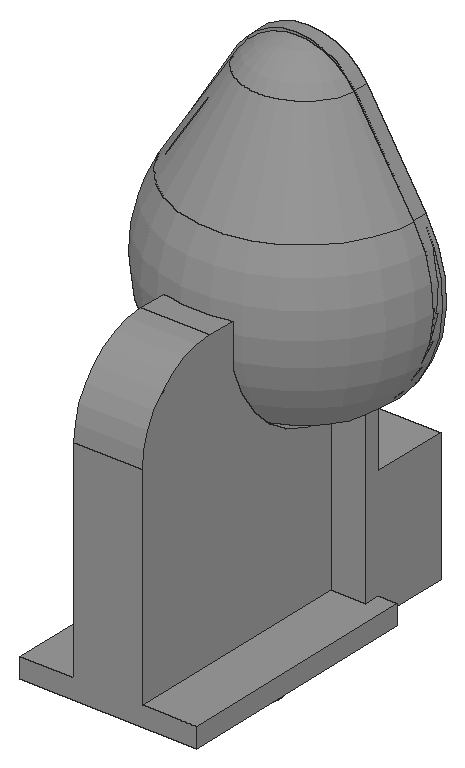
Revit family "Toilet-Willoughby-1490-ETW-OF-BS", category Plumbing Fixtures, host Face, Revit 2014
Parameters (values of type "Standard")
  Waste DIA = 2 1/2"
  Waste Connection = yes
  W-RAD [instance] = Waste DIA / 2  # 0' - 1 1/4"
  Vent Connection = no
  URL = "www.willoughby-ind.com"
  Type Comments = ""
  Revision = "A"
  Model = "ETW-1490-OF-BS"
  Manufacturer = "Willoughby Industries"
  HW Connection = no
  Flush inlet DIA = 1 1/2"
  Flush Inlet Connection = yes
  Fixture Body = Stainless Steel AISI 304-Willoughby
  F-RAD [instance] = Flush inlet DIA / 2  # 0' - 0 3/4"
  Description = "Off Floor Toilet"
  Default Elevation = 0' - 0"
  Contact Number = "(800) 428-4065"
  CW Connection = no
Reference planes (in)
  plane 1 "Base": y = -16.25
  plane 2: z = 0
  plane 3 "Center": x = 18.31072
  plane 4 "Waste height": y = -4.75
  plane 5 "Seat HGT": y = -1.25
  plane 6: z = -6.75
  plane 7: y = -2.125
  plane 8 "Flush HGT": y = 0.5
  plane 9: x = 16.56072
  plane 10: x = 20.06072
  plane 11 "Unit Base Off Floor": y = -14
  plane 12: y = 2.75
Forms (in)
  Extrusion 1, solid, material "Stainless Steel AISI 304-Willoughby" <- "Fixture Body"
    sketch origin (16.08109, 7.47968, -7.1422) x (-1, 0, 0) y (0, 0, -1)
      loop
        line (1.29775, -16.80087) -> (1.29775, -7.1422) -> (-5.72963, -7.1422) -> (-5.72963, -16.81676)
        arc (-5.72963, -16.81676) -> (-8.98136, -21.11843) -> (-8.21015, -26.45542) r 7
        line (-8.21015, -26.45542) -> (-5.16818, -31.31054)
        arc (-5.16818, -31.31054) -> (-2.20225, -32.95225) -> (0.76368, -31.31054) r 3.5
        line (0.76368, -31.31054) -> (3.80565, -26.45542)
        arc (3.80565, -26.45542) -> (4.5729, -21.10311) -> (1.29775, -16.80087) r 7
      loop
        arc (2.03989, -24.70557) -> (-2.20225, -18.23804) -> (-6.44438, -24.70557) r 4.625
        line (-6.44438, -24.70557) -> (-4.04125, -30.23842)
        arc (-4.04125, -30.23842) -> (-2.20225, -31.45225) -> (-0.36324, -30.23842) r 2
        line (-0.36324, -30.23842) -> (2.03989, -24.70557)
    from 8.72968 to 9.5
  Revolve 2, solid, material "Stainless Steel AISI 304-Willoughby" <- "Fixture Body"
    sketch origin (19.37246, -1.52032, -3.93826) x (-1, 0, 0) y (0, 0, -1)
      loop
        line (1.06174, -12.59906) -> (1.06174, -12.84906)
        arc (1.06174, -12.84906) -> (6.96784, -16.33096) -> (6.78077, -23.18447) r 6.75
        line (6.78077, -23.18447) -> (3.81535, -27.91457)
        arc (3.81535, -27.91457) -> (2.63527, -29.03194) -> (1.06174, -29.43826) r 3.25
        line (1.06174, -29.43826) -> (1.06174, -29.68826)
        arc (1.06174, -29.68826) -> (2.75672, -29.25045) -> (4.02767, -28.04656) r 3.5
        line (4.02767, -28.04656) -> (7.06964, -23.19143)
        arc (7.06964, -23.19143) -> (7.15052, -16.14555) -> (1.06174, -12.59906) r 7
      axis (1.06174, -12.59906) -> (1.06174, -29.68826)
    angle from 0 to -180
  Extrusion 3, solid, material "Stainless Steel AISI 304-Willoughby" <- "Fixture Body"
    sketch origin (19.53334, -3.02032, -4.9508) x (0, 1, 0) y (0, 0, 1)
      loop
        line (-5.27082, 4.9508) -> (1, 4.9508) -> (1, 13.76086)
        arc (1, 13.76086) -> (-2.93256, 15.26109) -> (-5.27082, 18.76086) r 6.92744
        line (-5.27082, 18.76086) -> (-5.27082, 4.9508)
    from 0.52738 to -2.97262
  Extrusion 4, solid, material "Stainless Steel AISI 304-Willoughby" <- "Fixture Body"
    sketch origin (17.03334, 24.08792, -4.30581) x (0, 1, 0) y (0, 0, 1)
      loop
        line (-32.37906, 4.30581) -> (-32.37906, 20.30581) -> (-33.81217, 20.30581)
        arc (-33.81217, 20.30581) -> (-36.83558, 19.05347) -> (-38.08792, 16.03006) r 4.27575
        line (-38.08792, 16.03006) -> (-38.08792, 4.30581) -> (-32.37906, 4.30581)
    from -0.47262 to 3.02738
  Extrusion 5, solid, material "Stainless Steel AISI 304-Willoughby" <- "Fixture Body"
    sketch origin (0, 14.59309, 0) x (1, 0, 0) y (0, 1, 0)
      loop
        circle (18.31072, -19.34309) r 1.25
    from 1 to -3
  Extrusion 6, solid, material "Stainless Steel AISI 304-Willoughby" <- "Fixture Body"
    sketch origin (18.31072, 0, 0) x (0, 1, 0) y (0, 0, 1)
      loop
        line (-1.25, 0) -> (2.75, 0) -> (2.75, 6.6875) -> (-1.25, 6.6875) -> (-1.25, 0)
    from -3.52738 to 3.5
  Extrusion 7, solid, material "Stainless Steel AISI 304-Willoughby" <- "Fixture Body"
    sketch origin (0, 0, 0) x (1, 0, 0) y (0, 1, 0)
      loop
        circle (18.31072, 0.5) r 0.75
    from 2.21942 to 0
  Extrusion 8, solid, material "Stainless Steel AISI 304-Willoughby" <- "Fixture Body"
    sketch origin (0, -16.25, 0) x (1, 0, 0) y (0, 0, 1)
      loop
        line (22.81072, 0) -> (22.81072, 1) -> (13.81072, 1) -> (13.81072, 0) -> (22.81072, 0)
    from -15 to -2.25
Cuts and joins
  joined: Extrusion 1, Extrusion 3, Extrusion 4, Extrusion 5, Extrusion 6, Extrusion 8
Lines and regions (in)
  symbolic lines
    curve 1: line (11.28334, -2.02032, 0) -> (11.28334, -1.25, 0)
    curve 2: line (11.28334, -1.25, 0) -> (25.28334, -1.25, 0)
    curve 3: line (25.28334, -1.25, 0) -> (25.28334, -2.02032, 0)
    curve 4: arc (25.28334, -2.02032, 0) -> (23.08455, -6.65206, 0) -> (18.31072, -8.52239, 0) r 6.96224
    curve 5: arc (18.31072, -8.52239, 0) -> (13.53062, -6.64008, 0) -> (11.28334, -2.02032, 0) r 7.07677
    curve 6: line (22.81072, -6.89429, 0) -> (22.81072, -14, 0)
    curve 7: line (22.81072, -14, 0) -> (13.81072, -14, 0)
    curve 8: line (13.81072, -14, 0) -> (13.81072, -6.88588, 0)
    curve 9: line (20.06072, -8.30551, 0) -> (20.06072, -14, 0)
    curve 10: line (16.56072, -14, 0) -> (16.56072, -8.29596, 0)
    curve 11: line (14.78334, -1.25, 0) -> (14.78334, 2.75, 0)
    curve 12: line (14.78334, 2.75, 0) -> (21.81072, 2.75, 0)
    curve 13: line (21.81072, 2.75, 0) -> (21.81072, -1.25, 0)
    curve 14: line (14.78334, -16.25, 9.65867) -> (14.78334, -16.25, 1)
    curve 15: line (14.78334, -16.25, 1) -> (13.81072, -16.25, 1)
    curve 16: line (13.81072, -16.25, 1) -> (13.81072, -16.25, 0)
    curve 17: line (13.81072, -16.25, 0) -> (22.81072, -16.25, 0)
    curve 18: line (22.81072, -16.25, 0) -> (22.81072, -16.25, 1)
    curve 19: line (22.81072, -16.25, 1) -> (21.81072, -16.25, 1)
    curve 20: line (21.81072, -16.25, 1) -> (21.81072, -16.25, 9.67456)
    curve 21: arc (21.81072, -16.25, 9.67456) -> (25.08184, -16.25, 13.97124) -> (24.29124, -16.25, 19.31322) r 6.95308
    curve 22: line (24.29124, -16.25, 19.31322) -> (21.24927, -16.25, 24.16835)
    curve 23: arc (21.24927, -16.25, 24.16835) -> (19.98923, -16.25, 25.34792) -> (18.31072, -16.25, 25.75) r 3.37397
    curve 24: arc (18.31072, -16.25, 25.75) -> (16.62783, -16.25, 25.31163) -> (15.31741, -16.25, 24.16835) r 3.79331
    curve 25: line (15.31741, -16.25, 24.16835) -> (12.35249, -16.25, 19.43905)
    curve 26: arc (12.35249, -16.25, 19.43905) -> (11.49002, -16.25, 14.03241) -> (14.78334, -16.25, 9.65867) r 7
    curve 33: line (18.31072, -14, 11.72425) -> (18.31072, -14, 0)
    curve 34: line (18.31072, -14, 0) -> (18.31072, 2.75, 0)
    curve 35: line (18.31072, 2.75, 0) -> (18.31072, 2.75, 6.6875)
    curve 36: line (18.31072, 2.75, 6.6875) -> (18.31072, -1.25, 6.6875)
    curve 37: line (18.31072, -1.25, 6.6875) -> (18.31072, -1.25, 25.81005)
    curve 38: line (18.31072, -1.25, 25.81005) -> (18.31072, -2.02032, 25.81005)
    curve 39: arc (18.31072, -2.02032, 25.81005) -> (18.31072, -3.31233, 25.27497) -> (18.31072, -4.32667, 24.31229) r 3.83576
    curve 40: line (18.31072, -4.32667, 24.31229) -> (18.31072, -7.52822, 19.25317)
    curve 41: arc (18.31072, -7.52822, 19.25317) -> (18.31072, -8.19231, 17.67758) -> (18.31072, -8.52281, 16) r 8.38109
    curve 42: line (18.31072, -8.29114, 16) -> (18.31072, -9.72425, 16)
    curve 43: arc (18.31072, -9.72425, 16) -> (18.31072, -12.74766, 14.74766) -> (18.31072, -14, 11.72425) r 4.27575
    curve 44: line (18.31072, -8.29114, 16) -> (18.31072, -8.29114, 13.87548)
    curve 45: arc (18.31072, -8.29114, 13.87548) -> (18.31072, -5.97299, 10.33102) -> (18.31072, -2.02032, 8.81005) r 6.89568
    curve 46: line (18.31072, -1.25, 9.65867) -> (18.31072, -2.02032, 9.65867)
    curve 47: line (18.31072, -2.02032, 9.65867) -> (18.31072, -2.02032, 1)
    curve 48: line (18.31072, -14, 1) -> (18.31072, -1.25, 1)
    curve 49: line (18.31072, -1.25, 1) -> (18.31072, -1.25, 0)
  symbolic lines, detail levels fine
    curve 27: arc (14.0412, -16.25, 17.56337) -> (18.28334, -16.25, 11.09585) -> (22.52547, -16.25, 17.56337) r 4.625
    curve 28: line (22.52547, -16.25, 17.56337) -> (20.12234, -16.25, 23.09622)
    curve 29: arc (20.12234, -16.25, 23.09622) -> (19.38317, -16.25, 23.97635) -> (18.28334, -16.25, 24.31005) r 2.01767
    curve 30: arc (18.28334, -16.25, 24.31005) -> (17.17969, -16.25, 23.98213) -> (16.44433, -16.25, 23.09622) r 1.9827
    curve 31: line (16.44433, -16.25, 23.09622) -> (14.0412, -16.25, 17.56337)
  symbolic lines, detail levels medium+fine
    curve 32: line (21.81072, -16.25, 6.6875) -> (14.78334, -16.25, 6.6875)
Dimensions and locks (in)
  locked: plane 1 "Base" to plane 4 "Waste height" at 11.5
  locked: plane 1 "Base" to plane 5 "Seat HGT" at 15
  plane 1 "Base" to plane 8 "Flush HGT" = 1' - 4 3/4"
  locked: plane 12 to plane 1 "Base" at 19
  "W-RAD": radius of Extrusion 5 sketch curve
  "F-RAD": radius of Extrusion 7 sketch curve
  aligned and locked: plane 2 to host face
  aligned and locked: level to host face
  aligned and locked: plane 3 "Center" to Extrusion 5 sketch curve
  aligned and locked: plane 4 "Waste height" to Extrusion 5 sketch curve
  aligned and locked: plane 8 "Flush HGT" to Extrusion 7 sketch curve
  aligned and locked: plane 3 "Center" to Extrusion 7 sketch curve
  aligned and locked: cut or joined group of Extrusion 1, Extrusion 3, Extrusion 4, Extrusion 5, Extrusion 6, Extrusion 8 to cut or joined group of Extrusion 1, Extrusion 3, Extrusion 4, Extrusion 5, Extrusion 6, Extrusion 8  (x5)
Automatic sketch dimensions
  host sketch curve to host sketch curve = 2' - 6.05225"
  host sketch curve to host sketch curve = 2' - 2.26186"
  Extrusion 1 sketch curve to Extrusion 1 sketch curve = 0' - 0"  (x8)
  Extrusion 1 sketch curve to level = 0' - 0"
  plane 3 "Center" to Extrusion 1 sketch curve = 0' - 5.98052"
  Extrusion 1 sketch curve to Extrusion 1 sketch curve = 0' - 1.76576"  (x2)
  plane 3 "Center" to Extrusion 1 sketch curve = 0' - 3 1/2"
  plane 3 "Center" to Extrusion 1 sketch curve = 0' - 2.93855"
  Extrusion 1 sketch curve to Extrusion 1 sketch curve = 0' - 1.12693"  (x2)
  Extrusion 1 sketch curve to plane 3 "Center" = 0' - 0.02738"  (x2)
  Extrusion 1 sketch curve to plane 3 "Center" = 0' - 1.86639"
  Extrusion 1 sketch curve to plane 3 "Center" = 0' - 3.52738"
  Extrusion 1 sketch curve to plane 3 "Center" = 0' - 4 69/256"
  Extrusion 1 sketch curve to Extrusion 1 sketch curve = 0' - 9.65867"
  Extrusion 1 sketch curve to Extrusion 1 sketch curve = 0' - 0.01589"
  Extrusion 1 sketch curve to Extrusion 1 sketch curve = 0' - 6.06218"
  Extrusion 1 sketch curve to Extrusion 1 sketch curve = 0' - 1.74985"
  Extrusion 1 sketch curve to Extrusion 1 sketch curve = 0' - 4.74668"
  Extrusion 1 sketch curve to Extrusion 1 sketch curve = 0' - 0.78617"
  Extrusion 1 sketch curve to Extrusion 1 sketch curve = 0' - 1.07212"
  Revolve 2 sketch curve to Revolve 2 sketch curve = 0' - 0"  (x2)
  Revolve 2 sketch curve to plane 3 "Center" = 0' - 0"  (x3)
  plane 3 "Center" to Revolve 2 sketch curve = 0' - 0"
  Revolve 2 sketch curve to plane 3 "Center" = 0' - 2.75361"
  Revolve 2 sketch curve to Revolve 2 sketch curve = 0' - 0.21232"
  Revolve 2 sketch curve to Revolve 2 sketch curve = 0' - 2.96542"
  Revolve 2 sketch curve to Revolve 2 sketch curve = 0' - 0.28887"
  level to Revolve 2 sketch curve = 2' - 1 3/4"
  Revolve 2 sketch curve to Revolve 2 sketch curve = 0' - 0 1/4"
  Revolve 2 sketch curve to Revolve 2 sketch curve = 0' - 1.3917"
  Revolve 2 sketch curve to Revolve 2 sketch curve = 0' - 0.13199"
  Revolve 2 sketch curve to Revolve 2 sketch curve = 0' - 4.85513"
  Revolve 2 sketch curve to Revolve 2 sketch curve = 0' - 0.00696"
  Revolve 2 sketch curve to Revolve 2 sketch curve = 0' - 3 1/4"
  Revolve 2 sketch curve to Revolve 2 sketch curve = 0' - 3.3392"
  Revolve 2 sketch curve to Revolve 2 sketch curve = 0' - 2.4108"
  Extrusion 3 sketch curve to level = 0' - 0"
  plane 4 "Waste height" to Extrusion 3 sketch curve = 0' - 3.54114"
  plane 7 to Extrusion 3 sketch curve = 0' - 0.10468"
  plane 5 "Seat HGT" to Extrusion 3 sketch curve = 0' - 0.38413"
  Extrusion 3 sketch curve to Extrusion 3 sketch curve = 0' - 8.81005"
  Extrusion 3 sketch curve to Extrusion 3 sketch curve = 0' - 5"
  Extrusion 4 sketch curve to level = 0' - 0"
  Extrusion 4 sketch curve to Extrusion 4 sketch curve = 0' - 1.43311"
  Extrusion 4 sketch curve to Extrusion 4 sketch curve = 0' - 11.72425"
  Extrusion 6 sketch curve to level = 0' - 0"
  Extrusion 6 sketch curve to plane 5 "Seat HGT" = 0' - 0"
  Extrusion 6 sketch curve to plane 8 "Flush HGT" = 0' - 2 1/4"
  level to Extrusion 6 sketch curve = 0' - 6 11/16"
  Extrusion 8 sketch curve to level = 0' - 0"
  level to Extrusion 8 sketch curve = 0' - 1"
  Extrusion 4 sketch curve to plane 1 "Base" = 0' - 2 1/4"
  Extrusion 4 sketch curve to plane 1 "Base" = 0' - 6.52575"
  Extrusion 8 sketch curve to plane 9 = 0' - 2 3/4"
  plane 10 to Extrusion 8 sketch curve = 0' - 2 3/4"
  curve 7 to plane 11 "Unit Base Off Floor" = 0' - 0"
  curve 11 to plane 12 = 0' - 0"
  curve 10 to plane 9 = 0' - 0"
  curve 4 to plane 3 "Center" = 0' - 0"
  curve 5 to plane 3 "Center" = 0' - 0"
  curve 9 to plane 10 = 0' - 0"
  plane 5 "Seat HGT" to curve 13 = 0' - 0"
  curve 12 to plane 9 = 0' - 1.77738"
  curve 8 to plane 9 = 0' - 2 3/4"
  curve 2 to curve 11 = 0' - 3 1/2"
  plane 3 "Center" to curve 4 = 0' - 0.02559"
  plane 3 "Center" to curve 5 = 0' - 0.02602"
  curve 9 to curve 7 = 0' - 2 3/4"
  curve 6 to curve 3 = 0' - 2.47262"
  plane 7 to curve 1 = 0' - 0.10468"
  plane 7 to curve 3 = 0' - 0.10468"
  plane 10 to curve 13 = 0' - 1 3/4"
  curve 26 to curve 27 = 0' - 0"  (x2)
  curve 17 to level = 0' - 0"
  curve 24 to plane 3 "Center" = 0' - 0"
  curve 23 to plane 3 "Center" = 0' - 0"
  curve 26 to plane 3 "Center" = 0' - 0.02738"
  curve 30 to plane 3 "Center" = 0' - 0.03882"
  curve 29 to curve 30 = 0' - 0.0002"
  curve 31 to plane 9 = 0' - 0.11639"
  curve 25 to plane 9 = 0' - 1.24331"
  curve 31 to plane 9 = 0' - 2 133/256"
  curve 16 to curve 14 = 0' - 0.97262"
  curve 25 to curve 31 = 0' - 1.68871"
  plane 3 "Center" to curve 21 = 0' - 0.03746"
  plane 3 "Center" to curve 23 = 0' - 0.07942"
  plane 3 "Center" to curve 24 = 0' - 0.08929"
  plane 10 to curve 28 = 0' - 0.06162"
  plane 10 to curve 22 = 0' - 1.18855"
  plane 10 to curve 20 = 0' - 1 3/4"
  plane 10 to curve 28 = 0' - 2.46475"
  curve 19 to curve 19 = 0' - 1"
  curve 28 to curve 22 = 0' - 1.76576"
  curve 16 to curve 16 = 0' - 1"
  level to curve 19 = 0' - 1"
  curve 14 to curve 14 = 0' - 8.65867"
  curve 14 to curve 20 = 0' - 0.01589"
  curve 20 to curve 21 = 0' - 6.0296"
  curve 21 to curve 27 = 0' - 0.01669"
  curve 31 to curve 26 = 0' - 1.87568"
  curve 28 to curve 24 = 0' - 4.39436"
  curve 24 to curve 29 = 0' - 0.33468"
  curve 29 to curve 30 = 0' - 0.03496"
  curve 30 to curve 23 = 0' - 0.04959"
  curve 31 to curve 24 = 0' - 1.07212"
  curve 28 to curve 23 = 0' - 1.07212"
  curve 32 to plane 9 = 0' - 1.77738"
  curve 32 to curve 14 = 0' - 2.97117"
  curve 33 to level = 0' - 0"
  curve 33 to plane 11 "Unit Base Off Floor" = 0' - 0"
  curve 36 to plane 5 "Seat HGT" = 0' - 0"
  curve 49 to plane 5 "Seat HGT" = 0' - 0"
  curve 34 to plane 12 = 0' - 0"
  curve 43 to curve 43 = 0' - 4.27575"
  curve 43 to curve 42 = 0' - 1.43311"
  plane 4 "Waste height" to curve 40 = 0' - 2.77822"
  curve 40 to plane 4 "Waste height" = 0' - 0.42333"
  plane 7 to curve 38 = 0' - 0.10468"
  plane 7 to curve 46 = 0' - 0.10468"
  plane 5 "Seat HGT" to curve 45 = 0' - 0.38991"
  curve 39 to plane 5 "Seat HGT" = 0' - 0.02677"
  plane 8 "Flush HGT" to curve 41 = 0' - 0.67743"
  level to curve 36 = 0' - 6 11/16"
  curve 36 to curve 46 = 0' - 2.97117"
  curve 46 to curve 43 = 0' - 2.06558"
  curve 44 to curve 42 = 0' - 2.12452"
  curve 46 to curve 41 = 0' - 5.56851"
  curve 41 to curve 45 = 0' - 0.46805"
  curve 42 to curve 40 = 0' - 3.25317"
  curve 45 to curve 39 = 0' - 6.3628"
  curve 39 to curve 40 = 0' - 2.25427"
  level to curve 48 = 0' - 1"
Connectors (in)
  piping at (18.31072, -4.75, -3), diameter 2.5, driven by "W-RAD", driven by "Waste Connection"
    settings: on Extrusion 5, index 1, connector inside diameter 2 1/2", connector length 0' - 0", flow factor 0, pipe flow 0 GPM, pressure drop 0.00 psi, fitting loss kfactor 0, connector angle 0.00°, fixture units 0, engagement length 0' - 0", angle of deflection 0.00°, flow configuration 0, flow direction 2, fitting loss method 0, system type 16, joint type 0, gender type 0, connector reference index -1, connector utility 1, adjustable connector yes, is connector primary yes, connector description "Toilet Waste"
  piping at (18.31072, 0.5, 0), diameter 1.5, driven by "F-RAD", driven by "CW Connection"
    settings: on Extrusion 7, index 2, connector inside diameter 1 1/2", connector length 0' - 0", flow factor 0, pipe flow 0 GPM, pressure drop 0.00 psi, fitting loss kfactor 0, connector angle 0.00°, fixture units 0, engagement length 0' - 0", angle of deflection 0.00°, flow configuration 0, flow direction 1, fitting loss method 0, system type 20, joint type 0, gender type 0, connector reference index -1, connector utility 0, adjustable connector no, is connector primary no, connector description "Flush Inlet"
